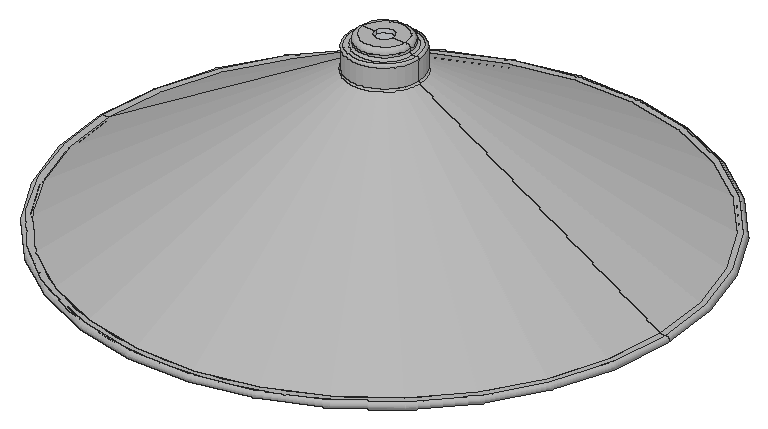
Revit family "CSW16 SHADE", category Lighting Fixtures, Revit 2024
Family settings
  Round Connector Dimension = Use Diameter
  Part Type = Normal
  OmniClass Number = 23.80.70.00
  OmniClass Title = Lighting
  Work Plane-Based = No
  Always vertical = Yes
  Cut with Voids When Loaded = No
  Light Source = Yes
  Maintain Annotation Orientation = No
  Shared = No
  Room Calculation Point = No
Parameters
  Wattage = 12.1178 W
  built-in parameter 1150110 = 1 (stored number, unit not read)
  built-in parameter 1114217 = 1 (stored number, unit not read)
  built-in parameter 1150109 = 1 (stored number, unit not read)
  built-in parameter 1150134 = (empty or 0)
  built-in parameter 1150113 = 1 (stored number, unit not read)
  Lumens = 1800 lm
  built-in parameter 1150115 = 1 (stored number, unit not read)
  built-in parameter 1150105 = 572.96 (stored number, unit not read)
  Light Source Symbol Size = 2' - 0"
  built-in parameter 1150137 = (empty or 0)
  built-in parameter 1150139 = (empty or 0)
  built-in parameter 1150112 = 1 (stored number, unit not read)
  built-in parameter 1150114 = 1 (stored number, unit not read)
  built-in parameter 1150132 = 2
  built-in parameter 1150102 = (empty or 0)
  built-in parameter 1150138 = (empty or 0)
  built-in parameter 1150107 = 3000 (stored number, unit not read)
  built-in parameter 1150106 = 5.7296 (stored number, unit not read)
  built-in parameter 1150104 = 13.8 (stored number, unit not read)
  Dimming Lamp Color Temperature Shift = (empty or 0)
  Default Elevation = 0' - 0"
  Color Filter = 16777215
  built-in parameter 1114218 = 1 (stored number, unit not read)
  built-in parameter 1150133 = 10 (stored number, unit not read)
Reference planes (in)
  plane 1 "Light Source Axis (F/B)": y = 0
  plane 2: z = 0
  plane 3 "Light Source Axis (L/R)": x = 0
  plane 4 "Light Source Elevation": z = 84
Forms (in)
  Revolve 1, solid, not visible
    sketch origin (0, 0, 0) x (1, 0, 0) y (0, 0, 1)
      loop
        line (-2.99192, 88.09279) -> (-2.89556, 88.09279) -> (-2.89556, 88.38477) -> (-2.99192, 88.38477) -> (-2.99192, 88.09279)
      axis (-2.89556, 88.09279) -> (-2.99192, 88.09279)
    angle from 0 to 360
  Sweep 2, solid, not visible
    path origin (0, 0, 0) x (1, 0, 0) y (0, 0, 1)
      loop
        arc (-2.97158, 88.08519) -> (-3.96217, 87.55604) -> (-4.35786, 86.505) r 1.59375
        line (-4.35786, 86.505) -> (-4.35786, 85.3018)
    profile origin (-3.96217, 0, 87.55604) x (0.751723, 0, -0.659479) y (0, -1, 0)
      loop
        circle (0, 0) r 0.15625
  Revolve 3, solid, not visible
    sketch origin (0, 0, 0) x (1, 0, 0) y (0, 0, 1)
      loop
        line (-4.84702, 85.01395) -> (-4.61007, 85.21882) -> (-4.67548, 85.29447) -> (-5.07238, 85.7535)
        arc (-5.07238, 85.7535) -> (-5.11657, 85.32649) -> (-4.68956, 85.2823) r 0.30356
        line (-4.68956, 85.2823) -> (-4.91791, 85.08485) -> (-4.84702, 85.01395)
      axis (-4.61007, 85.21882) -> (-5.07238, 85.7535)
    angle from 0 to 360
  Revolve 4, solid
    sketch origin (0, 0, 0) x (1, 0, 0) y (0, 0, 1)
      loop
        line (-7.8125, 84.09375) -> (-7.71965, 84.09375) -> (-0.95275, 88.02587)
        arc (-0.95275, 88.02587) -> (-0.89582, 88.08303) -> (-0.875, 88.16097) r 0.15625
        line (-0.875, 88.16097) -> (-0.875, 88.65625) -> (-0.78125, 88.65625)
        arc (-0.78125, 88.65625) -> (-0.67076, 88.70201) -> (-0.625, 88.8125) r 0.15625
        line (-0.625, 88.8125) -> (-0.625, 88.875)
        arc (-0.625, 88.875) -> (-0.61585, 88.8971) -> (-0.59375, 88.90625) r 0.03125
        line (-0.59375, 88.90625) -> (-0.25, 88.90625) -> (-0.25, 89) -> (-0.59375, 89)
        arc (-0.59375, 89) -> (-0.68214, 88.96339) -> (-0.71875, 88.875) r 0.125
        line (-0.71875, 88.875) -> (-0.71875, 88.8125)
        arc (-0.71875, 88.8125) -> (-0.73706, 88.76831) -> (-0.78125, 88.75) r 0.0625
        line (-0.78125, 88.75) -> (-0.90625, 88.75)
        arc (-0.90625, 88.75) -> (-0.95044, 88.73169) -> (-0.96875, 88.6875) r 0.0625
        line (-0.96875, 88.6875) -> (-0.96875, 88.16097)
        arc (-0.96875, 88.16097) -> (-0.97708, 88.12979) -> (-0.99985, 88.10693) r 0.0625
        line (-0.99985, 88.10693) -> (-7.74491, 84.1875) -> (-7.90625, 84.1875)
        arc (-7.90625, 84.1875) -> (-7.97254, 84.02746) -> (-7.8125, 84.09375) r 0.09375
      axis (0, 89) -> (0, 84.09375)
    angle from 0 to 360
Dimensions and locks (in)
  aligned and locked: plane 3 "Light Source Axis (L/R)" to imposter light
  aligned and locked: plane 1 "Light Source Axis (F/B)" to imposter light
  aligned and locked: plane 4 "Light Source Elevation" to imposter light
  aligned and locked: level to plane 2
